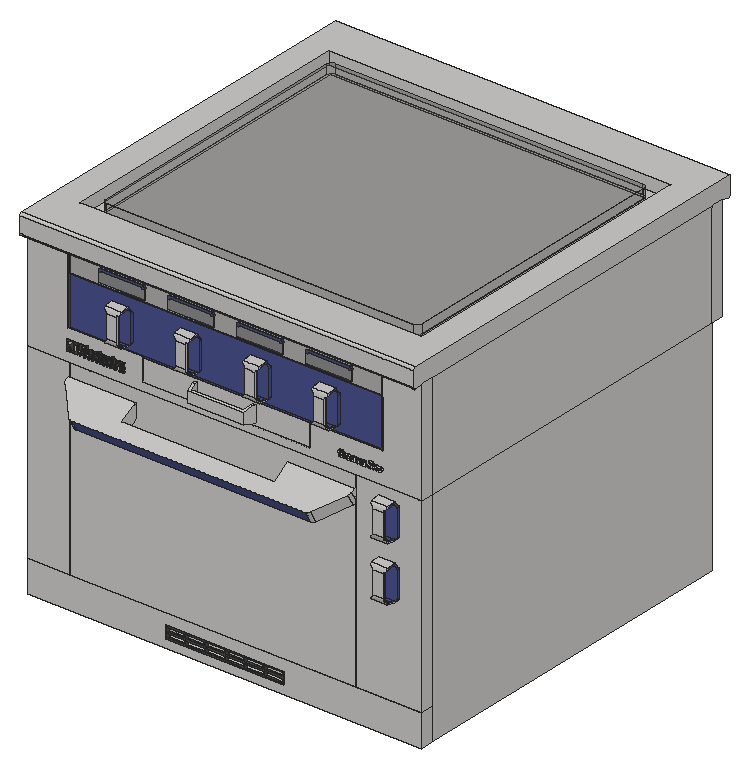
Revit family "QF_ELECTROLUXPROFESSIONAL_588411_MALLEAH8AO", category Attrezzature speciali, Revit 2020
Family settings
  Quota connettore circolare = Usa diametro
  Tipo di parte = Normale
  Basato su piano di lavoro = No
  Sempre verticale = Sì
  Taglio con vuoti quando caricato = No
  Condiviso = No
  Punto di calcolo locali = No
Parameters (values of type "Standard")
  Weight = 208.00 kg
  Watts = 17300 W
  Volts = 400 V
  URL Manufacturer = "https://www.electroluxprofessional.com/"
  URL = "https://www.electroluxprofessional.com/"
  Steam Supply Size = 0"
  Steam Supply Minimum Pressure = 0.00 psi
  Steam Supply Maximum Pressure = 0.00 psi
  Steam Consumption per Hour = 0
  Refrigeration Suction Line Size = 0 mm
  Refrigeration Liquid Line Size = 0 mm
  Refrigerant Compressor Remote = yes
  Prospetto di default = 0 mm
  Phase = 3
  Modello = "MALLEAH8AO"
  Produttore = "Electrolux Professional"
  Length Actual = 800 mm  # constant formula
  Item Number = "588411"
  Hot Water Size = 0"
  Height Actual = 700 mm  # constant formula
  HP = "23.2 HP"
  Gas Size = 0"
  Gas KW = 0
  Gas Input Pressure = 0.0 Btu/h
  Direct Waste Size = 0"
  Descrizione = "EL.SOLID TOP,ST.OV,1S,800X800X700H"
  Depth Actual = 800 mm  # constant formula
  Cycle = 50 Hz
  Condensate Return Size = 0"
  Compressed Air Volume = 0 GPM
  Compressed Air Size = 0"
  Compressed Air Pressure = 0.00 psi
  Cold Water Size = 0"
  Accessory = yes
Reference planes
  plane 1 "BACK": y = 0
  plane 2: z = 0
  plane 3 "LEFT": x = 0
  plane 4 "RIGHT": x = 800
  plane 5 "FRONT": y = -800
  plane 6 "TOP": z = 900
  plane 7 "Center (Left/Right)": x = 400
  plane 8: y = -400
  plane 9: z = 200
  plane 10: y = -150
  plane 11 "Panel": y = -755
  plane 12: z = 798
  plane 13: z = 1327
  plane 14: x = 78
  plane 15: x = 722
  plane 16: y = -150
  plane 17: y = -650
  plane 18 "EIx": x = 755
  plane 19 "EIy": y = -585
Forms (mm)
  Extrusion 1, solid, material "QF_Finishes_Stainless Steel"
    sketch origin (-178.969, -4572, 200) x (-1, 0, 0) y (0, -1, 0)
      loop
        line (-178.969, -4527) -> (-178.969, -3817) -> (-978.969, -3817) -> (-978.969, -4527) -> (-178.969, -4527)
    from 450 to 663
  Extrusion 2, solid, material "QF_Finishes_Stainless Steel"
    sketch origin (0, 0, 0) x (0, 1, 0) y (0, 0, 1)
      loop
        line (-755, 200) -> (-755, 265) -> (-780, 265) -> (-780, 200) -> (-755, 200)
    from 0 to 800
  Extrusion 3, solid, material "QF_Finishes_Stainless Steel"
    sketch origin (-588.969, -4562, 200) x (-1, 0, 0) y (0, -1, 0)
      loop
        circle (-1343.969, -3977) r 6.35
    from 0 to -11.851
  Extrusion 4, solid, material "QF_Finishes_Stainless Steel"
    sketch origin (400, 296.4, 1219.2) x (0, 1, 0) y (0, 0, 1)
      loop
        line (-296.4, -319.2) -> (-1091.4, -319.2)
        arc (-1091.4, -319.2) -> (-1094.935, -320.664) -> (-1096.4, -324.2) r 5
        line (-1096.4, -324.2) -> (-1096.4, -355.2)
        arc (-1096.4, -355.2) -> (-1094.971, -358.264) -> (-1091.705, -359.139) r 4
        line (-1091.705, -359.139) -> (-1076.4, -356.231) -> (-316.4, -356.231) -> (-301.094, -359.139)
        arc (-301.094, -359.139) -> (-297.829, -358.264) -> (-296.4, -355.2) r 4
        line (-296.4, -355.2) -> (-296.4, -319.2)
    from -400 to 400
  Extrusion 5, solid, material "QF_Finishes_Electrolux_Black Smoke Iluminated"
    sketch origin (0, 0, 900) x (-1, 0, 0) y (0, -1, 0)
      loop
        arc (-88, 109) -> (-80.929, 111.929) -> (-78, 119) r 10
        line (-78, 119) -> (-78, 680)
        arc (-78, 680) -> (-80.929, 687.071) -> (-88, 690) r 10
        line (-88, 690) -> (-712, 690)
        arc (-712, 690) -> (-719.071, 687.071) -> (-722, 680) r 10
        line (-722, 680) -> (-722, 119)
        arc (-722, 119) -> (-719.071, 111.929) -> (-712, 109) r 10
        line (-712, 109) -> (-88, 109)
    from 0 to -20
  Extrusion 6, solid, material "QF_Finishes_Stainless Steel"
    sketch origin (-178.969, -4572, 200) x (-1, 0, 0) y (0, -1, 0)
      loop
        line (-178.969, -4527) -> (-178.969, -3817) -> (-978.969, -3817) -> (-978.969, -4527) -> (-178.969, -4527)
    from 450 to 0
  Extrusion 7, void
    sketch origin (0, -755, 0) x (-1, 0, 0) y (0, 0, 1)
      loop
        line (-520, 216.594) -> (-280, 216.594) -> (-280, 241.594) -> (-520, 241.594) -> (-520, 216.594)
    from 0 to -25
  Extrusion 8, solid, material "QF_Finishes_Black"
    sketch origin (0, -755, 0) x (-1, 0, 0) y (0, 0, 1)
      loop
        line (-280, 241.594) -> (-520, 241.594) -> (-520, 216.594) -> (-280, 216.594) -> (-280, 241.594)
      loop
        line (-282, 239.594) -> (-319.131, 239.594) -> (-319.131, 230.094) -> (-282, 230.094) -> (-282, 239.594)
      loop
        line (-282, 218.594) -> (-282, 228.094) -> (-319.131, 228.094) -> (-319.131, 218.594) -> (-282, 218.594)
      loop
        line (-321.131, 239.594) -> (-359.066, 239.594) -> (-359.066, 230.094) -> (-321.131, 230.094) -> (-321.131, 239.594)
      loop
        line (-399, 239.594) -> (-399, 230.094) -> (-361.066, 230.094) -> (-361.066, 239.594) -> (-399, 239.594)
      loop
        line (-401, 239.594) -> (-438.934, 239.594) -> (-438.934, 230.094) -> (-401, 230.094) -> (-401, 239.594)
      loop
        line (-359.066, 218.594) -> (-321.131, 218.594) -> (-321.131, 228.094) -> (-359.066, 228.094) -> (-359.066, 218.594)
      loop
        line (-361.066, 218.594) -> (-361.066, 228.094) -> (-399, 228.094) -> (-399, 218.594) -> (-361.066, 218.594)
      loop
        line (-401, 228.094) -> (-438.934, 228.094) -> (-438.934, 218.594) -> (-401, 218.594) -> (-401, 228.094)
      loop
        line (-518, 239.594) -> (-518, 230.094) -> (-480.869, 230.094) -> (-480.869, 239.594) -> (-518, 239.594)
      loop
        line (-518, 218.594) -> (-480.869, 218.594) -> (-480.869, 228.094) -> (-518, 228.094) -> (-518, 218.594)
      loop
        line (-478.869, 239.594) -> (-478.869, 230.094) -> (-440.934, 230.094) -> (-440.934, 239.594) -> (-478.869, 239.594)
      loop
        line (-440.934, 218.594) -> (-440.934, 228.094) -> (-478.869, 228.094) -> (-478.869, 218.594) -> (-440.934, 218.594)
    from -25.03 to -20
  Extrusion 9, void
    sketch origin (0, 0, 900) x (-1, 0, 0) y (0, -1, 0)
      loop
        line (-53, 715) -> (-747, 715) -> (-747, 84) -> (-53, 84) -> (-53, 715)
    from 0 to -25
  Extrusion 10, solid, material "QF_Finishes_Stainless Steel"
    sketch origin (0, 0, 900) x (-1, 0, 0) y (0, -1, 0)
      loop
        line (-82, 113) -> (-82, 686) -> (-718, 686) -> (-718, 113) -> (-82, 113)
    from -20 to -25
  Extrusion 11, solid, material "QF_Finishes_Stainless Steel"
    sketch origin (400, 296.4, 1219.169) x (0, 1, 0) y (0, 0, 1)
      loop
        line (-341.4, -356.2) -> (-341.4, -569.2) -> (-316.4, -569.2) -> (-316.4, -356.2) -> (-341.4, -356.2)
    from -400 to 400
Cuts and joins
  Extrusion 7 cuts Extrusion 6
  Extrusion 7 cuts Extrusion 2
  Extrusion 9 cuts Extrusion 4
Lines and regions (mm)
  symbolic lines
    curve 1: line (0, 0, 200) -> (800, 0, 200)
    curve 2: line (0, -800, 200) -> (0, 0, 200)
    curve 3: line (800, -800, 200) -> (0, -800, 200)
    curve 4: line (800, 0, 200) -> (800, -800, 200)
    curve 5: line (712, -109, 200) -> (88, -109, 200)
    curve 6: line (78, -119, 200) -> (78, -680, 200)
    curve 7: line (88, -690, 200) -> (712, -690, 200)
    curve 8: line (722, -680, 200) -> (722, -119, 200)
    curve 9: arc (88, -109, 200) -> (80.929, -111.929, 200) -> (78, -119, 200) r 10
    curve 10: arc (722, -119, 200) -> (719.071, -111.929, 200) -> (712, -109, 200) r 10
    curve 11: arc (712, -690, 200) -> (719.071, -687.071, 200) -> (722, -680, 200) r 10
    curve 12: arc (78, -680, 200) -> (80.929, -687.071, 200) -> (88, -690, 200) r 10
    curve 13: line (747, -84, 900) -> (53, -84, 900)
    curve 14: line (53, -84, 900) -> (53, -715, 900)
    curve 15: line (747, -715, 900) -> (747, -84, 900)
    curve 16: line (53, -715, 900) -> (747, -715, 900)
  model lines, style "SpecialityEquipment"
    curve 17: arc (584, -161, 900) -> (530.967, -289.033, 900) -> (659, -236, 900) r 75
    curve 18: line (639, -236, 900) -> (679, -236, 900)
    curve 19: line (679, -236, 900) -> (659, -216, 900)
    curve 20: line (639, -236, 900) -> (659, -216, 900)
    curve 21: arc (216, -161, 900) -> (162.967, -289.033, 900) -> (291, -236, 900) r 75
    curve 22: line (271, -236, 900) -> (311, -236, 900)
    curve 23: line (311, -236, 900) -> (291, -216, 900)
    curve 24: line (271, -236, 900) -> (291, -216, 900)
    curve 25: arc (584, -489, 900) -> (530.967, -617.033, 900) -> (659, -564, 900) r 75
    curve 26: line (639, -564, 900) -> (679, -564, 900)
    curve 27: line (679, -564, 900) -> (659, -544, 900)
    curve 28: line (639, -564, 900) -> (659, -544, 900)
    curve 29: arc (216, -489, 900) -> (162.967, -617.033, 900) -> (291, -564, 900) r 75
    curve 30: line (271, -564, 900) -> (311, -564, 900)
    curve 31: line (311, -564, 900) -> (291, -544, 900)
    curve 32: line (271, -564, 900) -> (291, -544, 900)
Dimensions and locks
  plane 3 "LEFT" to plane 4 "RIGHT" = 800 mm
  plane 5 "FRONT" to plane 1 "BACK" = 800 mm
  equal spacing: plane 3 "LEFT", plane 7 "Center (Left/Right)", plane 4 "RIGHT"
  equal spacing: plane 5 "FRONT", plane 8, plane 1 "BACK"
  plane 6 "TOP" to level = 900 mm  (x2)
  plane 9 to level = 200 mm
  plane 1 "BACK" to plane 10 to plane 11 "Panel" = 150 mm, 605 mm  (x2)
  plane 6 "TOP" to plane 9 to level = 700 mm, 200 mm
  plane 1 "BACK" to plane 5 "FRONT" = 800 mm
  plane 1 "BACK" to Extrusion 3 = 585 mm
  plane 12 to plane 9 = 598 mm
  plane 13 to plane 6 "TOP" = 427 mm
  plane 6 "TOP" to plane 12 = 102 mm
  plane 14 to plane 3 "LEFT" = 78 mm
  plane 15 to plane 4 "RIGHT" = 78 mm
  locked: plane 1 "BACK" to plane 16 at 150
  locked: plane 16 to plane 17 at 500
  plane 11 "Panel" to plane 5 "FRONT" = 45 mm
  plane 18 "EIx" to plane 4 "RIGHT" = 45 mm
  plane 19 "EIy" to plane 1 "BACK" = 585 mm
  aligned and locked: level to plane 2
  aligned and locked: Extrusion 2 to plane 4 "RIGHT"
  aligned and locked: plane 3 "LEFT" to nested 1
Automatic sketch dimensions
  Extrusion 2 sketch curve to plane 9 = 0 mm
  Extrusion 2 sketch curve to plane 11 "Panel" = 0 mm
  Extrusion 2 sketch curve to plane 5 "FRONT" = 20 mm
  plane 9 to Extrusion 2 sketch curve = 65 mm
  Extrusion 3 sketch curve to plane 18 "EIx" = 0 mm
  Extrusion 3 sketch curve to plane 19 "EIy" = 0 mm
  Extrusion 4 sketch curve to plane 5 "FRONT" = 0 mm
  Extrusion 4 sketch curve to plane 6 "TOP" = 0 mm
  Extrusion 4 sketch curve to plane 1 "BACK" = 0 mm
  Extrusion 4 sketch curve to plane 5 "FRONT" = 4 mm
  Extrusion 4 sketch curve to Extrusion 4 sketch curve = 0.695 mm
  Extrusion 4 sketch curve to plane 5 "FRONT" = 5 mm
  Extrusion 4 sketch curve to Extrusion 4 sketch curve = 15.305 mm
  plane 1 "BACK" to Extrusion 4 sketch curve = 20 mm
  plane 1 "BACK" to Extrusion 4 sketch curve = 4.695 mm
  Extrusion 4 sketch curve to Extrusion 4 sketch curve = 4 mm
  Extrusion 4 sketch curve to Extrusion 4 sketch curve = 31 mm
  Extrusion 4 sketch curve to plane 6 "TOP" = 36 mm
  Extrusion 4 sketch curve to Extrusion 4 sketch curve = 2.909 mm
  Extrusion 5 sketch curve to plane 15 = 0 mm
  Extrusion 5 sketch curve to plane 14 = 0 mm
  plane 15 to Extrusion 5 sketch curve = 10 mm  (x2)
  Extrusion 5 sketch curve to Extrusion 5 sketch curve = 10 mm  (x2)
  plane 10 to Extrusion 5 sketch curve = 41 mm
  plane 17 to Extrusion 5 sketch curve = 30 mm
  plane 9 to Extrusion 7 sketch curve = 41.594 mm
  plane 7 "Center (Left/Right)" to Extrusion 7 sketch curve = 120 mm
  Extrusion 7 sketch curve to plane 7 "Center (Left/Right)" = 120 mm
  plane 9 to Extrusion 7 sketch curve = 16.594 mm
  plane 9 to Extrusion 8 sketch curve = 41.594 mm
  plane 7 "Center (Left/Right)" to Extrusion 8 sketch curve = 120 mm
  Extrusion 8 sketch curve to Extrusion 8 sketch curve = 2 mm  (x15)
  Extrusion 8 sketch curve to Extrusion 8 sketch curve = 0 mm  (x16)
  Extrusion 8 sketch curve to Extrusion 8 sketch curve = 37.131 mm  (x2)
  Extrusion 8 sketch curve to Extrusion 8 sketch curve = 37.934 mm  (x3)
  plane 7 "Center (Left/Right)" to Extrusion 8 sketch curve = 1 mm  (x2)
  Extrusion 8 sketch curve to plane 7 "Center (Left/Right)" = 1 mm  (x2)
  plane 9 to Extrusion 8 sketch curve = 18.594 mm  (x4)
  Extrusion 8 sketch curve to Extrusion 8 sketch curve = 9.5 mm  (x6)
  plane 18 "EIx" to Extrusion 9 sketch curve = 8 mm
  plane 14 to Extrusion 9 sketch curve = 25 mm
  plane 10 to Extrusion 9 sketch curve = 66 mm
  plane 11 "Panel" to Extrusion 9 sketch curve = 40 mm
  Extrusion 10 sketch curve to plane 14 = 4 mm
  plane 15 to Extrusion 10 sketch curve = 4 mm
  plane 17 to Extrusion 10 sketch curve = 36 mm
  plane 10 to Extrusion 10 sketch curve = 37 mm
  Extrusion 1 sketch curve to plane 4 "RIGHT" = 0 mm
  Extrusion 1 sketch curve to plane 3 "LEFT" = 0 mm
  Extrusion 1 sketch curve to plane 11 "Panel" = 0 mm
  plane 1 "BACK" to Extrusion 1 sketch curve = 45 mm
  plane 1 "BACK" to curve 1 = 0 mm
  curve 1 to plane 4 "RIGHT" = 0 mm
  curve 8 to plane 15 = 0 mm
  curve 6 to plane 14 = 0 mm
  curve 2 to plane 3 "LEFT" = 0 mm
  plane 5 "FRONT" to curve 3 = 0 mm
  plane 15 to curve 5 = 10 mm
  curve 11 to curve 11 = 10 mm
  curve 5 to plane 14 = 10 mm
  curve 12 to curve 6 = 10 mm
  plane 10 to curve 5 = 41 mm
  plane 17 to curve 11 = 30 mm
  Extrusion 6 sketch curve to plane 4 "RIGHT" = 0 mm
  Extrusion 6 sketch curve to plane 3 "LEFT" = 0 mm
  Extrusion 6 sketch curve to plane 11 "Panel" = 0 mm
  plane 1 "BACK" to Extrusion 6 sketch curve = 45 mm
  curve 20 to curve 17 = 55 mm
  curve 26 to curve 25 = 55 mm
  curve 19 to curve 18 = 20 mm
  curve 26 to curve 27 = 20 mm
  curve 18 to curve 19 = 20 mm
  plane 18 "EIx" to curve 13 = 8 mm
  curve 31 to plane 7 "Center (Left/Right)" = 89 mm
  curve 23 to plane 7 "Center (Left/Right)" = 89 mm
  curve 22 to curve 24 = 20 mm
  curve 30 to curve 31 = 20 mm
  curve 23 to curve 22 = 20 mm
  curve 31 to curve 30 = 20 mm
  curve 22 to curve 21 = 55 mm
  curve 30 to curve 29 = 55 mm
  plane 14 to curve 14 = 25 mm
  plane 10 to curve 13 = 66 mm
  plane 11 "Panel" to curve 16 = 40 mm
  curve 29 to curve 30 = 20 mm
  curve 27 to curve 26 = 40 mm
  curve 25 to curve 26 = 20 mm
  plane 15 to curve 19 = 43 mm
  curve 17 to curve 18 = 20 mm
  curve 21 to curve 22 = 20 mm
  Extrusion 11 sketch curve to Extrusion 11 sketch curve = 25 mm
  plane 1 "BACK" to Extrusion 11 sketch curve = 20 mm
  Extrusion 11 sketch curve to plane 12 = 148.031 mm
  Extrusion 11 sketch curve to plane 6 "TOP" = 37.031 mm
  plane 19 "EIy" to curve 27 = 21 mm
  plane 15 to curve 27 = 43 mm
  curve 23 to plane 10 = 66 mm
  curve 19 to plane 10 = 66 mm
  plane 19 "EIy" to curve 32 = 41 mm
  radius of Extrusion 3 sketch curve = 6.35 mm
Nested families
  nested 1: "Door_Panel_W800_A" at (300, -755, 0), type "Door_Panel_W800_A"
  nested 2: "FIT Range Control Handle" at (730, -783.167, -372.751), type "FIT Range Control Handle"
  nested 3: "FIT Range Control Handle" at (730, -783.167, -484.751), type "FIT Range Control Handle"
  nested 4: "Front_Panel_W800_Four Knobs" at (202.376, -755, 0), type "Front_Panel_W800_Four Knobs"
Connectors
  electrical at (755, -585, 188.149)
    settings: on Extrusion 3, index 1, voltage 400 V, apparent load 33000 VA, apparent load phase1 0 VA, apparent load phase2 0 VA, apparent load phase3 0 VA, power factor 1, load classification "Other", number of poles 1, system type 30, power factor state 1, is connector primary yes, connector utility no, sub classification motor no, connector description "ELECTRICAL CONNECTION"
Definition of nested family "Door_Panel_W800_A"
  Parameters
    Default Elevation = 0 mm
  Reference planes
    plane 1 "Center (Front/Back)": y = 0
    plane 2 "Ref. Level": z = 0
    plane 3: x = 500
    plane 4: x = -300
    plane 5 "Center (Left/Right)": x = 100
    plane 6: x = -215
    plane 7: x = 365
    plane 8 "Manopola": through (-6096, -50.059, 612.389) normal (0, -0.515, 0.8572)
    plane 9 "Top": z = 650
    plane 10: z = 265
    plane 11: z = 200
  Forms (mm)
    Extrusion 1, solid
      sketch origin (100, 0, 0) x (0, 1, 0) y (0, 0, 1)
        loop
          line (-25.03, 650) -> (-25.03, 265) -> (0, 265) -> (0, 650) -> (-25.03, 650)
      from 265 to 400
    Extrusion 2, solid
      sketch origin (100, 0, 0) x (0, 1, 0) y (0, 0, 1)
        loop
          line (-25.03, 650) -> (-25.03, 265) -> (0, 265) -> (0, 650) -> (-25.03, 650)
      from -400 to -315
    Extrusion 3, solid
      sketch origin (100, 0, 0) x (0, 1, 0) y (0, 0, 1)
        loop
          line (-25.03, 650) -> (-25.03, 265) -> (0, 265) -> (0, 650) -> (-25.03, 650)
      from -315 to 265
    Extrusion 4, solid
      sketch origin (0, -283.633, 472.044) x (0, 0.857167, 0.515038) y (-1, 0, 0)
        loop
          line (299.12, -365) -> (299.12, 215) -> (290.982, 215)
          arc (290.982, 215) -> (286.677, 214.026) -> (283.211, 211.293) r 10
          line (283.211, 211.293) -> (233.28, 170.86)
          arc (233.28, 170.86) -> (230.548, 167.394) -> (229.574, 163.089) r 10
          line (229.574, 163.089) -> (229.574, -313.089)
          arc (229.574, -313.089) -> (230.548, -317.394) -> (233.28, -320.86) r 10
          line (233.28, -320.86) -> (283.211, -361.293)
          arc (283.211, -361.293) -> (286.677, -364.026) -> (290.982, -365) r 10
          line (290.982, -365) -> (299.12, -365)
      from -27 to 0
    Extrusion 5, void
      sketch origin (100, 0, 0) x (0, 1, 0) y (0, 0, 1)
        loop
          line (-61.514, 605.507) -> (-47.608, 582.363) -> (-25.03, 595.93) -> (-25.03, 627.429) -> (-61.514, 605.507)
      from -180 to 130
    Extrusion 6, solid, detail levels coarse
      sketch origin (100, 0, 0) x (0, 1, 0) y (0, 0, 1)
        loop
          line (-25.03, 265) -> (-25.03, 650)
          arc (-25.03, 650) -> (-297.266, 537.236) -> (-410.03, 265) r 385
          line (-410.03, 265) -> (-25.03, 265)
      from -315 to 265
  Cuts and joins
    Extrusion 5 cuts Extrusion 4
    joined: Extrusion 3, Extrusion 4
  Lines and regions (mm)
    symbolic lines
      curve 1: line (-207.355, -45.043, 0) -> (-170.86, -83.673, 0)
      curve 2: line (-163.089, -86.85, 0) -> (313.089, -86.85, 0)
      curve 3: line (320.86, -83.673, 0) -> (357.355, -45.043, 0)
      curve 4: arc (-163.089, -86.85, 0) -> (-167.318, -86.101, 0) -> (-170.86, -83.673, 0) r 10.165
      curve 5: arc (313.089, -86.85, 0) -> (317.318, -86.101, 0) -> (320.86, -83.673, 0) r 10.165
      curve 6: line (-215, -45.043, 0) -> (-215, -410.03, 0)
      curve 7: line (-215, -410.03, 0) -> (365, -410.03, 0)
      curve 8: line (365, -410.03, 0) -> (365, -45.03, 0)
  Dimensions and locks
    plane 3 to plane 4 = 800 mm
    plane 4 to plane 3 = 800 mm
    equal spacing: plane 3, plane 5 "Center (Left/Right)", plane 4
    plane 6 to plane 4 = 85 mm
    plane 3 to plane 7 = 135 mm
    plane 11 to level = 200 mm
    plane 10 to plane 11 = 65 mm
    plane 10 to plane 9 "Top" = 385 mm
    plane 9 "Top" to plane 11 = 450 mm
    aligned and locked: plane 3 to Extrusion 1
    aligned and locked: cut or joined group of Extrusion 3, Extrusion 4, Extrusion 5 to plane 6
    aligned and locked: cut or joined group of Extrusion 3, Extrusion 4, Extrusion 5 to plane 7
    aligned and locked: plane 7 to Extrusion 1
    aligned and locked: plane 6 to Extrusion 2
    aligned and locked: Extrusion 2 to plane 4
    aligned and locked: plane 10 to Extrusion 2
    aligned and locked: plane 10 to cut or joined group of Extrusion 3, Extrusion 4, Extrusion 5
    aligned and locked: plane 10 to Extrusion 1
    aligned and locked: Extrusion 6 to plane 6
    aligned and locked: Extrusion 6 to plane 7
  Automatic sketch dimensions
    Extrusion 5 sketch curve to plane 8 "Manopola" = 0 mm  (x2)
    plane 1 "Center (Front/Back)" to Extrusion 5 sketch curve = 61.514 mm
    Extrusion 5 sketch curve to Extrusion 5 sketch curve = 13.906 mm
    plane 1 "Center (Front/Back)" to Extrusion 5 sketch curve = 25.03 mm
    Extrusion 4 sketch curve to plane 7 = 0 mm
    Extrusion 4 sketch curve to plane 6 = 0 mm
    plane 6 to Extrusion 4 sketch curve = 51.911 mm
    plane 7 to Extrusion 4 sketch curve = 44.14 mm
    Extrusion 4 sketch curve to Extrusion 4 sketch curve = 3.707 mm  (x2)
    plane 6 to Extrusion 4 sketch curve = 44.14 mm
    plane 7 to Extrusion 4 sketch curve = 3.707 mm
    Extrusion 4 sketch curve to Extrusion 4 sketch curve = 49.93 mm  (x2)
    plane 6 to Extrusion 4 sketch curve = 3.707 mm
    Extrusion 4 sketch curve to Extrusion 4 sketch curve = 7.771 mm  (x3)
    Extrusion 4 sketch curve to Extrusion 4 sketch curve = 8.138 mm
    Extrusion 2 sketch curve to plane 1 "Center (Front/Back)" = 0 mm
    Extrusion 3 sketch curve to plane 1 "Center (Front/Back)" = 0 mm
    Extrusion 1 sketch curve to plane 1 "Center (Front/Back)" = 0 mm
    Extrusion 2 sketch curve to plane 9 "Top" = 0 mm
    Extrusion 2 sketch curve to Extrusion 2 sketch curve = 25.03 mm
    Extrusion 3 sketch curve to plane 9 "Top" = 0 mm
    Extrusion 3 sketch curve to Extrusion 3 sketch curve = 25.03 mm
    Extrusion 1 sketch curve to plane 9 "Top" = 0 mm
    plane 1 "Center (Front/Back)" to Extrusion 1 sketch curve = 25.03 mm
    level to Extrusion 1 sketch curve = 265 mm
    level to Extrusion 2 sketch curve = 265 mm
    level to Extrusion 3 sketch curve = 265 mm
    plane 10 to Extrusion 6 sketch curve = 0 mm
    Extrusion 6 sketch curve to plane 9 "Top" = 0 mm
    plane 1 "Center (Front/Back)" to Extrusion 6 sketch curve = 25.03 mm
    curve 7 to plane 7 = 0 mm
    plane 6 to curve 1 = 44.14 mm
    curve 4 to curve 4 = 7.389 mm
    curve 4 to curve 2 = 7.771 mm
    plane 7 to curve 2 = 51.911 mm
    curve 2 to curve 5 = 0.382 mm
    curve 2 to curve 3 = 7.771 mm
    plane 1 "Center (Front/Back)" to curve 6 = 410.03 mm
    plane 1 "Center (Front/Back)" to curve 2 = 86.85 mm
    curve 2 to curve 3 = 3.177 mm
    curve 2 to curve 1 = 3.177 mm
    plane 7 to curve 3 = 7.645 mm
    plane 1 "Center (Front/Back)" to curve 3 = 45.043 mm
    curve 3 to curve 8 = 0.013 mm
    curve 7 to plane 6 = 0 mm
    curve 6 to curve 1 = 7.645 mm
    plane 1 "Center (Front/Back)" to curve 1 = 45.043 mm
    curve 6 to curve 1 = 0 mm
Definition of nested family "FIT Range Control Handle"
  Parameters
    Default Elevation = 0 mm
  Reference planes
    plane 1 "Center (Front/Back)": y = 0
    plane 2: z = 0
    plane 3 "Center (Left/Right)": x = 0
    plane 4: z = 971.092
    plane 5: y = -16.8
  Forms (mm)
    Extrusion 1, solid
      sketch origin (-746.28, 380.497, 208.931) x (-1, 0, 0) y (0, 0, 1)
        loop
          line (-770.101, 786.798) -> (-770.101, 731.649)
          arc (-770.101, 731.649) -> (-769.759, 730.563) -> (-768.855, 729.87) r 1.893
          line (-768.855, 729.87) -> (-763.474, 727.911) -> (-729.81, 727.911) -> (-724.428, 729.87)
          arc (-724.428, 729.87) -> (-723.525, 730.563) -> (-723.183, 731.649) r 1.893
          line (-723.183, 731.649) -> (-723.183, 786.798)
          arc (-723.183, 786.798) -> (-723.529, 787.894) -> (-724.44, 788.593) r 1.91
          line (-724.44, 788.593) -> (-729.683, 790.819) -> (-763.601, 790.819) -> (-768.844, 788.593)
          arc (-768.844, 788.593) -> (-769.755, 787.894) -> (-770.101, 786.798) r 1.91
      from -382.35 to -378.852
    Sweep 2, solid
      path origin (-746.788, 380.496, 208.091) x (0, -1, 0) y (0, 0, 1)
        loop
          line (379.775, 793.281) -> (395.661, 791.048)
          arc (395.661, 791.048) -> (397.781, 787.377) -> (398.517, 783.202) r 12.207
          line (398.517, 783.202) -> (398.517, 737.368)
          arc (398.517, 737.368) -> (397.781, 733.193) -> (395.661, 729.522) r 12.207
          line (395.661, 729.522) -> (379.775, 727.289)
      profile origin (-746.788, -7.222, 1000.256) x (0, -0.139173, 0.990268) y (-1, 0, 0)
        loop
          line (0.782, -763.123) -> (0.782, -730.907) -> (-1.322, -730.907) -> (-1.322, -763.123) -> (0.782, -763.123)
    Sweep 3, solid
      path origin (-746.788, 380.715, 207.832) x (0, -1, 0) y (0, 0, 1)
        loop
          line (380.478, 795.442) -> (397.218, 793.09)
          arc (397.218, 793.09) -> (399.929, 788.473) -> (400.871, 783.202) r 15.207
          line (400.871, 783.202) -> (400.871, 737.584)
          arc (400.871, 737.584) -> (399.914, 732.274) -> (397.164, 727.633) r 15.207
          line (397.164, 727.633) -> (380.601, 725.305)
      profile origin (-746.788, -8.132, 1002.099) x (0, -0.139173, 0.990268) y (-1, 0, 0)
        loop
          line (0.782, -763.123) -> (0.782, -730.907) -> (-1.322, -730.907) -> (-1.322, -763.123) -> (0.782, -763.123)
    Extrusion 4, void
      sketch origin (889.253, 220.666, 207.993) x (1, 0, 0) y (0, 0, 1)
        loop
          line (-943.038, 816.854) -> (-943.038, 703.686) -> (-899.466, 734.196) -> (-899.466, 786.344) -> (-943.038, 816.854)
      from 230.636 to 242.25
    Extrusion 5, void
      sketch origin (-888.8, 220.666, 207.993) x (-1, 0, 0) y (0, 0, -1)
        loop
          line (-943.038, -816.854) -> (-899.466, -786.344) -> (-899.466, -734.196) -> (-943.038, -703.686) -> (-943.038, -816.854)
      from 230.636 to 242.25
    Extrusion 6, solid
      sketch origin (0, 0, 0) x (1, 0, 0) y (0, 0, 1)
        loop
          circle (0, 971.092) r 7.736
      from -3.137 to -1.645
  Cuts and joins
    Extrusion 4, Extrusion 5 cuts Sweep 3
    Extrusion 4, Extrusion 5 cuts Sweep 2
    joined: Extrusion 1, Extrusion 6
  Lines and regions (mm)
    symbolic lines
      curve 1: line (-15.881, -19.189, 0) -> (-15.881, -16.8, 0)
      curve 2: line (16.334, -19.189, 0) -> (16.334, -16.8, 0)
      curve 3: spline (-15.881, -19.189, 0) -> (-15.417, -19.349, 0) -> (-14.951, -19.501, 0) -> (-14.483, -19.646, 0) -> (-14.014, -19.783, 0) -> (-13.543, -19.912, 0) -> (-13.071, -20.033, 0) -> (-12.597, -20.146, 0) -> (-12.122, -20.251, 0) -> (-11.646, -20.349, 0) -> (-11.169, -20.438, 0) -> (-10.691, -20.52, 0) -> (-10.213, -20.593, 0)
      curve 4: spline (10.666, -20.593, 0) -> (11.144, -20.52, 0) -> (11.622, -20.438, 0) -> (12.099, -20.349, 0) -> (12.575, -20.251, 0) -> (13.05, -20.146, 0) -> (13.524, -20.033, 0) -> (13.996, -19.912, 0) -> (14.467, -19.783, 0) -> (14.936, -19.646, 0) -> (15.404, -19.501, 0) -> (15.87, -19.349, 0) -> (16.334, -19.189, 0)
      curve 5: line (-10.213, -20.938, 0) -> (10.716, -20.938, 0)
  Dimensions and locks
    cut or joined group of Sweep 3, Extrusion 4, Extrusion 5 to cut or joined group of Sweep 3, Extrusion 4, Extrusion 5 = 71.686 mm
Definition of nested family "Front_Panel_W800_Four Knobs"
  Parameters
    Default Elevation = 0 mm
  Reference planes
    plane 1 "Center (Front/Back)": y = 0
    plane 2: z = 0
    plane 3 "Center (Left/Right)": x = 197.624
    plane 4 "Left": x = -202.376
    plane 5 "Right": x = 597.624
    plane 6: y = -45
    plane 7: x = -12.376
    plane 8: x = 127.624
    plane 9: y = -310
    plane 10: y = -25
    plane 11: x = 517.624
    plane 12: x = -122.376
  Forms (mm)
    Extrusion 1, solid
      sketch origin (833.217, 829.203, -1.25) x (0, 1, 0) y (0, 0, 1)
        loop
          line (-854.203, 651.25) -> (-829.203, 651.25) -> (-829.203, 864.25) -> (-854.203, 864.25) -> (-854.203, 651.25)
      from -1035.593 to -235.593
    Extrusion 2, void
      sketch origin (0, 0, 0) x (1, 0, 0) y (0, 0, 1)
        loop
          line (-122.376, 853.866) -> (-122.376, 711.866) -> (517.624, 711.866) -> (517.624, 853.866) -> (-122.376, 853.866)
      from 19.387 to 33.951
    Extrusion 3, void
      sketch origin (0, 0, 0) x (1, 0, 0) y (0, 0, 1)
        loop
          line (30.124, 711.866) -> (30.124, 666.866) -> (370.124, 666.866) -> (370.124, 711.866) -> (30.124, 711.866)
      from 19.387 to 25
    Extrusion 4, solid
      sketch origin (0, 0, 0) x (1, 0, 0) y (0, 0, 1)
        loop
          line (31.124, 710.866) -> (31.124, 667.866) -> (369.124, 667.866) -> (369.124, 710.866) -> (31.124, 710.866)
      from 19.387 to 25
    Extrusion 5, solid
      sketch origin (0, 0, 0) x (1, 0, 0) y (0, 1, 0)
        loop
          line (141.059, -25) -> (135.966, -25) -> (140.646, -49.075) -> (254.603, -49.075) -> (259.283, -25) -> (254.189, -25) -> (250.481, -44.075) -> (144.767, -44.075) -> (141.059, -25)
      from 672.593 to 705.67
    Extrusion 6, void
      sketch origin (197.624, 0, 0) x (0, 1, 0) y (0, 0, 1)
        loop
          line (-30, 705.67) -> (-30, 710.67) -> (-56.744, 710.67) -> (-56.744, 667.593) -> (-30, 667.593) -> (-30, 672.593) -> (-53.776, 680.318) -> (-53.776, 697.945) -> (-30, 705.67)
      from -70 to 70
    Extrusion 7, solid, detail levels coarse
      sketch origin (0, -265, 0) x (1, 0, 0) y (0, 1, 0)
        loop
          line (140.646, -69.075) -> (254.603, -69.075) -> (259.283, -45) -> (364.124, -45) -> (364.124, 240) -> (31.124, 240) -> (31.124, -45) -> (135.966, -45) -> (140.646, -69.075)
      from 672.593 to 705.67
    Extrusion 8, void
      sketch origin (197.624, -280, 0) x (0, 1, 0) y (0, 0, 1)
        loop
          line (-30, 705.67) -> (-30, 710.67) -> (-56.744, 710.67) -> (-56.744, 667.593) -> (-30, 667.593) -> (-30, 672.593) -> (-53.776, 680.318) -> (-53.776, 697.945) -> (-30, 705.67)
      from -70 to 70
  Cuts and joins
    Extrusion 2, Extrusion 3 cuts Extrusion 1
    Extrusion 6, Extrusion 8 cuts Extrusion 5
    Extrusion 8 cuts Extrusion 7
  Lines and regions (mm)
    symbolic lines
      curve 1: line (31.124, -45, 0) -> (31.124, -310, 0)
      curve 2: line (31.124, -310, 0) -> (364.124, -310, 0)
      curve 3: line (135.966, -310, 0) -> (140.646, -334.075, 0)
      curve 4: line (140.646, -334.075, 0) -> (254.603, -334.075, 0)
      curve 5: line (254.603, -334.075, 0) -> (259.283, -310, 0)
      curve 6: line (364.124, -310, 0) -> (364.124, -45, 0)
      curve 7: line (31.124, -300, 0) -> (364.124, -300, 0)
      curve 8: line (140.874, -309.046, 0) -> (144.767, -329.075, 0)
      curve 9: line (144.767, -329.075, 0) -> (250.481, -329.075, 0)
      curve 10: line (250.481, -329.075, 0) -> (254.375, -309.046, 0)
  Dimensions and locks
    equal spacing: plane 5 "Right", plane 3 "Center (Left/Right)", plane 4 "Left"
    plane 5 "Right" to plane 4 "Left" = 800 mm
    plane 3 "Center (Left/Right)" to plane 7 = 210 mm
    plane 3 "Center (Left/Right)" to plane 8 = 70 mm
    plane 6 to plane 9 = 265 mm
    aligned and locked: cut or joined group of Extrusion 1, Extrusion 2, Extrusion 3 to plane 4 "Left"
    aligned and locked: plane 5 "Right" to cut or joined group of Extrusion 1, Extrusion 2, Extrusion 3
    aligned and locked: plane 3 "Center (Left/Right)" to nested 2
    aligned and locked: cut or joined group of Extrusion 1, Extrusion 2, Extrusion 3 to nested 2
  Automatic sketch dimensions
    plane 7 to Extrusion 3 sketch curve = 42.5 mm
    plane 3 "Center (Left/Right)" to Extrusion 3 sketch curve = 172.5 mm
    level to Extrusion 3 sketch curve = 666.866 mm
    Extrusion 3 sketch curve to Extrusion 3 sketch curve = 45 mm
    plane 7 to Extrusion 4 sketch curve = 43.5 mm
    plane 3 "Center (Left/Right)" to Extrusion 4 sketch curve = 171.5 mm
    level to Extrusion 4 sketch curve = 667.866 mm
    Extrusion 4 sketch curve to Extrusion 4 sketch curve = 43 mm
    plane 8 to Extrusion 5 sketch curve = 8.342 mm
    plane 6 to Extrusion 5 sketch curve = 4.075 mm
    plane 8 to Extrusion 5 sketch curve = 13.021 mm
    Extrusion 5 sketch curve to Extrusion 5 sketch curve = 5.094 mm  (x2)
    Extrusion 5 sketch curve to plane 6 = 0.925 mm
    Extrusion 5 sketch curve to Extrusion 5 sketch curve = 4.122 mm  (x2)
    plane 3 "Center (Left/Right)" to Extrusion 5 sketch curve = 52.857 mm
    Extrusion 5 sketch curve to plane 6 = 20 mm  (x2)
    Extrusion 5 sketch curve to Extrusion 5 sketch curve = 3.708 mm
    plane 6 to Extrusion 6 sketch curve = 11.744 mm
    plane 6 to Extrusion 6 sketch curve = 8.776 mm
    Extrusion 6 sketch curve to plane 6 = 15 mm  (x2)
    level to Extrusion 6 sketch curve = 667.593 mm
    Extrusion 6 sketch curve to Extrusion 6 sketch curve = 5 mm
    Extrusion 6 sketch curve to Extrusion 6 sketch curve = 12.725 mm  (x2)
    Extrusion 6 sketch curve to Extrusion 6 sketch curve = 17.627 mm
    Extrusion 6 sketch curve to Extrusion 6 sketch curve = 7.725 mm
    Extrusion 8 sketch curve to plane 9 = 26.744 mm
    Extrusion 8 sketch curve to plane 9 = 23.776 mm
    plane 9 to Extrusion 8 sketch curve = 0 mm  (x2)
    level to Extrusion 8 sketch curve = 667.593 mm
    Extrusion 8 sketch curve to Extrusion 8 sketch curve = 5 mm
    Extrusion 8 sketch curve to Extrusion 8 sketch curve = 12.725 mm  (x2)
    Extrusion 8 sketch curve to Extrusion 8 sketch curve = 17.627 mm
    Extrusion 8 sketch curve to Extrusion 8 sketch curve = 7.725 mm
    plane 9 to Extrusion 7 sketch curve = 0 mm  (x2)
    plane 7 to Extrusion 7 sketch curve = 43.5 mm
    plane 8 to Extrusion 7 sketch curve = 8.342 mm
    Extrusion 7 sketch curve to plane 9 = 24.075 mm
    plane 8 to Extrusion 7 sketch curve = 13.021 mm
    Extrusion 7 sketch curve to Extrusion 7 sketch curve = 104.842 mm
    Extrusion 7 sketch curve to plane 6 = 20 mm
    plane 3 "Center (Left/Right)" to Extrusion 7 sketch curve = 56.979 mm
    Extrusion 7 sketch curve to Extrusion 7 sketch curve = 4.68 mm
    Extrusion 1 sketch curve to plane 1 "Center (Front/Back)" = 0 mm
    level to Extrusion 1 sketch curve = 650 mm
    plane 4 "Left" to Extrusion 2 sketch curve = 80 mm
    Extrusion 2 sketch curve to plane 5 "Right" = 80 mm
    level to Extrusion 2 sketch curve = 711.866 mm
    Extrusion 2 sketch curve to Extrusion 2 sketch curve = 142 mm
    plane 6 to curve 1 = 0 mm
    plane 6 to curve 6 = 0 mm
    plane 9 to curve 1 = 0 mm
    plane 7 to curve 1 = 43.5 mm
    curve 4 to plane 9 = 24.075 mm
    plane 8 to curve 4 = 13.021 mm
    curve 3 to curve 8 = 4.122 mm
    plane 3 "Center (Left/Right)" to curve 4 = 56.979 mm
    curve 4 to curve 2 = 109.521 mm
    plane 8 to curve 3 = 8.342 mm
    curve 3 to curve 8 = 4.908 mm
    curve 9 to curve 4 = 4.122 mm
    curve 10 to plane 9 = 19.075 mm
    curve 9 to curve 5 = 8.801 mm
    plane 9 to curve 10 = 0.954 mm
    curve 10 to curve 5 = 4.908 mm
    curve 3 to curve 8 = 0.954 mm
    curve 1 to curve 7 = 10 mm
    Extrusion 1 sketch curve to plane 6 = 20 mm
    Extrusion 1 sketch curve to Extrusion 1 sketch curve = 213 mm
  Nested families
    nested 1: "Range Control Handle" at (-12.376, -28.137, -209.113) x (-1, 0, 0) z (0, 0, 1), type "Range Control Handle"
    nested 2: "Front glass control panel W800" at (197.624, 280.644, 2.752), type "Front glass control panel W800"
    nested 3: "Range Control Handle" at (127.624, -28.137, -209.113) x (-1, 0, 0) z (0, 0, 1), type "Range Control Handle"
    nested 4: "Range Control Handle" at (407.624, -28.137, -209.113), type "Range Control Handle"
    nested 5: "Range Control Handle" at (267.624, -28.137, -209.113), type "Range Control Handle"
    nested 6: "ELX_ThermaLine_Small" at (468.838, -25, 679.426) x (1, 0, 0) z (0, -1, 0), type "ELX_ThermaLine_Small"
      with Show Logo yes, Material_Logo none
    nested 7: "ELX_Professional_Logo_Small" at (-62.89, -25, 681.659) x (1, 0, 0) z (0, -1, 0), type "ELX_Professional_Logo_Small"
      with Show Logo yes, Material_Logo none
  Definition of nested family "Range Control Handle"
    Parameters
      Default Elevation = 0 mm
    Reference planes
      plane 1 "Center (Front/Back)": y = 0
      plane 2: z = 0
      plane 3 "Center (Left/Right)": x = 0
      plane 4: z = 971.092
      plane 5: y = -16.9
    Forms (mm)
      Extrusion 1, solid
        sketch origin (-746.28, 380.497, 208.931) x (-1, 0, 0) y (0, 0, 1)
          loop
            line (-770.101, 786.798) -> (-770.101, 731.649)
            arc (-770.101, 731.649) -> (-769.759, 730.563) -> (-768.855, 729.87) r 1.893
            line (-768.855, 729.87) -> (-763.474, 727.911) -> (-729.81, 727.911) -> (-724.428, 729.87)
            arc (-724.428, 729.87) -> (-723.525, 730.563) -> (-723.183, 731.649) r 1.893
            line (-723.183, 731.649) -> (-723.183, 786.798)
            arc (-723.183, 786.798) -> (-723.529, 787.894) -> (-724.44, 788.593) r 1.91
            line (-724.44, 788.593) -> (-729.683, 790.819) -> (-763.601, 790.819) -> (-768.844, 788.593)
            arc (-768.844, 788.593) -> (-769.755, 787.894) -> (-770.101, 786.798) r 1.91
        from -382.35 to -378.852
      Sweep 2, solid
        path origin (-746.788, 380.496, 208.091) x (0, -1, 0) y (0, 0, 1)
          loop
            line (379.775, 793.281) -> (395.661, 791.048)
            arc (395.661, 791.048) -> (397.781, 787.377) -> (398.517, 783.202) r 12.207
            line (398.517, 783.202) -> (398.517, 737.368)
            arc (398.517, 737.368) -> (397.781, 733.193) -> (395.661, 729.522) r 12.207
            line (395.661, 729.522) -> (379.775, 727.289)
        profile origin (-746.788, -7.222, 1000.256) x (0, -0.139173, 0.990268) y (-1, 0, 0)
          loop
            line (0.782, -763.123) -> (0.782, -730.907) -> (-1.322, -730.907) -> (-1.322, -763.123) -> (0.782, -763.123)
      Sweep 3, solid
        path origin (-746.788, 380.715, 207.832) x (0, -1, 0) y (0, 0, 1)
          loop
            line (380.478, 795.442) -> (397.218, 793.09)
            arc (397.218, 793.09) -> (399.929, 788.473) -> (400.871, 783.202) r 15.207
            line (400.871, 783.202) -> (400.871, 737.584)
            arc (400.871, 737.584) -> (399.914, 732.274) -> (397.164, 727.633) r 15.207
            line (397.164, 727.633) -> (380.601, 725.305)
        profile origin (-746.788, -8.132, 1002.099) x (0, -0.139173, 0.990268) y (-1, 0, 0)
          loop
            line (0.782, -763.123) -> (0.782, -730.907) -> (-1.322, -730.907) -> (-1.322, -763.123) -> (0.782, -763.123)
      Extrusion 4, void
        sketch origin (889.253, 220.666, 207.993) x (1, 0, 0) y (0, 0, 1)
          loop
            line (-943.038, 816.854) -> (-943.038, 703.686) -> (-899.466, 734.196) -> (-899.466, 786.344) -> (-943.038, 816.854)
        from 230.636 to 242.25
      Extrusion 5, void
        sketch origin (-888.8, 220.666, 207.993) x (-1, 0, 0) y (0, 0, -1)
          loop
            line (-943.038, -816.854) -> (-899.466, -786.344) -> (-899.466, -734.196) -> (-943.038, -703.686) -> (-943.038, -816.854)
        from 230.636 to 242.25
      Extrusion 6, solid
        sketch origin (0, 0, 0) x (1, 0, 0) y (0, 0, 1)
          loop
            circle (0, 971.092) r 7.736
        from -3.137 to -1.645
    Cuts and joins
      Extrusion 4, Extrusion 5 cuts Sweep 3
      Extrusion 4, Extrusion 5 cuts Sweep 2
      joined: Extrusion 1, Extrusion 6
    Lines and regions (mm)
      symbolic lines
        curve 1: line (16.334, -16.9, 0) -> (16.334, -19.227, 0)
        curve 2: spline (16.334, -19.227, 0) -> (15.87, -19.385, 0) -> (15.404, -19.536, 0) -> (14.936, -19.678, 0) -> (14.466, -19.813, 0) -> (13.995, -19.94, 0) -> (13.523, -20.059, 0) -> (13.049, -20.171, 0) -> (12.575, -20.274, 0) -> (12.099, -20.37, 0) -> (11.622, -20.458, 0) -> (11.144, -20.537, 0) -> (10.666, -20.609, 0)
        curve 3: line (10.666, -16.9, 0) -> (10.666, -20.938, 0)
        curve 4: line (-10.213, -20.938, 0) -> (10.666, -20.938, 0)
        curve 5: line (-10.213, -20.938, 0) -> (-10.213, -16.9, 0)
        curve 6: spline (-10.213, -20.609, 0) -> (-10.691, -20.537, 0) -> (-11.169, -20.458, 0) -> (-11.646, -20.37, 0) -> (-12.122, -20.274, 0) -> (-12.597, -20.171, 0) -> (-13.07, -20.059, 0) -> (-13.542, -19.94, 0) -> (-14.013, -19.813, 0) -> (-14.483, -19.678, 0) -> (-14.951, -19.536, 0) -> (-15.417, -19.385, 0) -> (-15.881, -19.227, 0)
        curve 7: line (-15.881, -19.227, 0) -> (-15.881, -16.9, 0)
  Definition of nested family "Front glass control panel W800"
    Parameters
      Default Elevation = 0 mm
    Reference planes
      plane 1 "Center (Front/Back)": y = 0
      plane 2: z = 0
      plane 3 "Center (Left/Right)": x = 0
    Forms (mm)
      Extrusion 1, solid
        sketch origin (378.286, 0, 0.617) x (1, 0, 0) y (0, 0, 1)
          loop
            line (-698.286, 806.791) -> (-698.286, 708.497) -> (-58.286, 708.497) -> (-58.286, 806.791) -> (-698.286, 806.791)
        from 300.031 to 304.8
      Extrusion 2, solid
        sketch origin (378.286, 0, 0.617) x (1, 0, 0) y (0, 0, 1)
          loop
            line (-698.286, 850.497) -> (-698.286, 806.791) -> (-58.286, 806.791) -> (-58.286, 850.497) -> (-698.286, 850.497)
        from 300.031 to 304.8
      Extrusion 3, void
        sketch origin (378.286, 0, 0.617) x (1, 0, 0) y (0, 0, 1)
          loop
            line (-695.628, 847.565) -> (-695.628, 710.699) -> (-61.196, 710.699) -> (-61.196, 847.565) -> (-695.628, 847.565)
        from 303.697 to 304.8
      Extrusion 4, solid
        sketch origin (-378.333, 1.101, -0.633) x (-1, 0, 0) y (0, 0, -1)
          loop
            line (-261.431, -812.62) -> (-355.186, -812.62) -> (-355.186, -834.177) -> (-350.269, -834.177) -> (-348.469, -835.977) -> (-268.039, -835.977) -> (-266.24, -834.177) -> (-261.431, -834.177) -> (-261.431, -812.62)
        from 304.798 to 306.745
      Extrusion 5, solid
        sketch origin (-378.333, 1.101, -0.633) x (-1, 0, 0) y (0, 0, -1)
          loop
            line (-350.269, -834.177) -> (-355.078, -834.177)
            arc (-355.078, -834.177) -> (-353.942, -838.747) -> (-349.686, -840.763) r 5.5
            line (-349.686, -840.763) -> (-266.98, -840.763)
            arc (-266.98, -840.763) -> (-262.706, -838.752) -> (-261.529, -834.177) r 5.549
            line (-261.529, -834.177) -> (-266.24, -834.177) -> (-268.039, -835.977) -> (-348.469, -835.977) -> (-350.269, -834.177)
        from 304.798 to 306.745
      Extrusion 6, solid
        sketch origin (-518.333, 1.101, -0.633) x (-1, 0, 0) y (0, 0, -1)
          loop
            line (-261.431, -812.62) -> (-355.186, -812.62) -> (-355.186, -834.177) -> (-350.269, -834.177) -> (-348.469, -835.977) -> (-268.039, -835.977) -> (-266.24, -834.177) -> (-261.431, -834.177) -> (-261.431, -812.62)
        from 304.798 to 306.745
      Extrusion 7, solid
        sketch origin (-518.333, 1.101, -0.633) x (-1, 0, 0) y (0, 0, -1)
          loop
            line (-350.269, -834.177) -> (-355.078, -834.177)
            arc (-355.078, -834.177) -> (-353.942, -838.747) -> (-349.686, -840.763) r 5.5
            line (-349.686, -840.763) -> (-266.98, -840.763)
            arc (-266.98, -840.763) -> (-262.706, -838.752) -> (-261.529, -834.177) r 5.549
            line (-261.529, -834.177) -> (-266.24, -834.177) -> (-268.039, -835.977) -> (-348.469, -835.977) -> (-350.269, -834.177)
        from 304.798 to 306.745
      Extrusion 8, solid
        sketch origin (378.333, 1.101, -0.633) x (1, 0, 0) y (0, 0, 1)
          loop
            line (-261.431, 812.62) -> (-261.431, 834.177) -> (-266.24, 834.177) -> (-268.039, 835.977) -> (-348.469, 835.977) -> (-350.269, 834.177) -> (-355.186, 834.177) -> (-355.186, 812.62) -> (-261.431, 812.62)
        from 304.798 to 306.745
      Extrusion 9, solid
        sketch origin (378.333, 1.101, -0.633) x (1, 0, 0) y (0, 0, 1)
          loop
            line (-350.269, 834.177) -> (-348.469, 835.977) -> (-268.039, 835.977) -> (-266.24, 834.177) -> (-261.529, 834.177)
            arc (-261.529, 834.177) -> (-262.706, 838.752) -> (-266.98, 840.763) r 5.549
            line (-266.98, 840.763) -> (-349.686, 840.763)
            arc (-349.686, 840.763) -> (-353.942, 838.747) -> (-355.078, 834.177) r 5.5
            line (-355.078, 834.177) -> (-350.269, 834.177)
        from 304.798 to 306.745
      Extrusion 10, solid
        sketch origin (518.333, 1.101, -0.633) x (1, 0, 0) y (0, 0, 1)
          loop
            line (-261.431, 812.62) -> (-261.431, 834.177) -> (-266.24, 834.177) -> (-268.039, 835.977) -> (-348.469, 835.977) -> (-350.269, 834.177) -> (-355.186, 834.177) -> (-355.186, 812.62) -> (-261.431, 812.62)
        from 304.798 to 306.745
      Extrusion 11, solid
        sketch origin (518.333, 1.101, -0.633) x (1, 0, 0) y (0, 0, 1)
          loop
            line (-350.269, 834.177) -> (-348.469, 835.977) -> (-268.039, 835.977) -> (-266.24, 834.177) -> (-261.529, 834.177)
            arc (-261.529, 834.177) -> (-262.706, 838.752) -> (-266.98, 840.763) r 5.549
            line (-266.98, 840.763) -> (-349.686, 840.763)
            arc (-349.686, 840.763) -> (-353.942, 838.747) -> (-355.078, 834.177) r 5.5
            line (-355.078, 834.177) -> (-350.269, 834.177)
        from 304.798 to 306.745
    Cuts and joins
      Extrusion 3 cuts Extrusion 1
      Extrusion 3 cuts Extrusion 2
    Dimensions and locks
      aligned and locked: Extrusion 1 to Extrusion 2
      aligned and locked: Extrusion 5 sketch curve to Extrusion 4  (x5)
      aligned and locked: Extrusion 5 to Extrusion 4
      aligned and locked: Extrusion 7 sketch curve to Extrusion 6  (x5)
      aligned and locked: Extrusion 7 to Extrusion 6
      aligned and locked: Extrusion 9 sketch curve to Extrusion 8  (x4)
      aligned and locked: Extrusion 8 to Extrusion 9 sketch curve
      aligned and locked: Extrusion 9 to Extrusion 8
      aligned and locked: Extrusion 11 sketch curve to Extrusion 10  (x4)
      aligned and locked: Extrusion 10 to Extrusion 11 sketch curve
      aligned and locked: Extrusion 11 to Extrusion 10
  Definition of nested family "ELX_ThermaLine_Small"
    Parameters
      Show Logo [instance] = yes
      Material_Logo [instance] = none
      Default Elevation = 0 mm
    Reference planes
      plane 1 "Centro (Fronte/Retro)": y = 0
      plane 2: z = 0
      plane 3 "Centro (Sinistra/Destra)": x = 0
    Forms (mm)
      Extrusion 1, solid
        sketch origin (0, 0, 0) x (1, 0, 0) y (0, 1, 0)
          loop
            line (-1219.2, 1219.2) -> (-1219.2, -1219.2) -> (1219.2, -1219.2) -> (1219.2, 1219.2) -> (-1219.2, 1219.2)
        from 0 to -304.8
      Extrusion 2, solid
        sketch origin (0, 0, 0) x (1, 0, 0) y (0, 1, 0)
          loop
            line (-37.494, 1.229) -> (-35.908, 1.229) -> (-35.908, 3.066) -> (-37.494, 3.066) -> (-37.494, 6.221) -> (-39.867, 4.881) -> (-39.867, 3.066) -> (-40.969, 3.066) -> (-40.969, 1.229) -> (-39.867, 1.229) -> (-39.867, -3.407)
            arc (-39.867, -3.407) -> (-38.982, -5.513) -> (-36.751, -6.001) r 2.478
            line (-36.751, -6.001) -> (-35.638, -5.7) -> (-35.9, -3.835) -> (-36.661, -4.039)
            arc (-36.661, -4.039) -> (-37.236, -3.924) -> (-37.494, -3.399) r 0.662
            line (-37.494, -3.399) -> (-37.494, 1.229)
          loop
            line (-34.242, 6.539) -> (-34.242, -5.848) -> (-31.854, -5.848) -> (-31.854, -0.078)
            arc (-31.854, -0.078) -> (-30.939, 1.249) -> (-29.33, 1.367) r 1.866
            arc (-29.33, 1.367) -> (-28.695, 0.768) -> (-28.461, -0.073) r 1.627
            line (-28.461, -0.073) -> (-28.461, -5.848) -> (-26.086, -5.848) -> (-26.064, -0.46)
            arc (-26.064, -0.46) -> (-26.261, 0.932) -> (-26.786, 2.237) r 5.825
            arc (-26.786, 2.237) -> (-29.381, 3.264) -> (-31.854, 1.971) r 3.353
            line (-31.854, 1.971) -> (-31.854, 6.539) -> (-34.242, 6.539)
          loop
            arc (-18.398, -0.598) -> (-18.893, 0.879) -> (-20.326, 1.487) r 1.897
            arc (-20.326, 1.487) -> (-21.461, 0.708) -> (-21.897, -0.598) r 2.164
            line (-21.897, -0.598) -> (-18.398, -0.598)
          loop
            arc (-16.021, -2.044) -> (-16.754, 1.227) -> (-19.444, 3.226) r 4.814
            arc (-19.444, 3.226) -> (-22.137, 2.788) -> (-23.943, 0.743) r 4.054
            arc (-23.943, 0.743) -> (-24.382, -1.249) -> (-24.162, -3.276) r 6.289
            arc (-24.162, -3.276) -> (-23.302, -4.71) -> (-21.958, -5.705) r 4.28
            arc (-21.958, -5.705) -> (-18.558, -5.814) -> (-16.152, -3.409) r 4.28
            line (-16.152, -3.409) -> (-18.5, -2.995)
            arc (-18.5, -2.995) -> (-19.273, -3.994) -> (-20.533, -4.076) r 1.536
            arc (-20.533, -4.076) -> (-21.56, -3.281) -> (-21.958, -2.044) r 2.197
            line (-21.958, -2.044) -> (-16.021, -2.044)
          loop
            line (-14.165, -5.848) -> (-11.819, -5.848) -> (-11.819, -2.138)
            arc (-11.819, -2.138) -> (-11.787, -1.156) -> (-11.637, -0.185) r 8.18
            arc (-11.637, -0.185) -> (-10.644, 0.972) -> (-9.132, 0.776) r 1.603
            line (-9.132, 0.776) -> (-8.419, 2.846)
            arc (-8.419, 2.846) -> (-10.432, 3.118) -> (-11.994, 1.821) r 2.527
            line (-11.994, 1.821) -> (-11.994, 3.094) -> (-14.165, 3.094) -> (-14.165, -5.848)
          loop
            line (-7.579, 3.094) -> (-7.579, -5.848) -> (-5.178, -5.848) -> (-5.178, -0.756)
            arc (-5.178, -0.756) -> (-4.727, 0.679) -> (-3.417, 1.419) r 2.05
            arc (-3.417, 1.419) -> (-2.499, 0.908) -> (-2.155, -0.085) r 1.471
            line (-2.155, -0.085) -> (-2.155, -5.848) -> (0.23, -5.848) -> (0.23, -1.001)
            arc (0.23, -1.001) -> (0.47, 0.127) -> (1.148, 1.061) r 2.775
            arc (1.148, 1.061) -> (2.225, 1.329) -> (3.05, 0.587) r 1.182
            arc (3.05, 0.587) -> (3.199, -0.019) -> (3.214, -0.642) r 2.894
            line (3.214, -0.642) -> (3.214, -5.848) -> (5.601, -5.848) -> (5.601, 0.261)
            arc (5.601, 0.261) -> (4.87, 2.263) -> (2.976, 3.241) r 2.932
            arc (2.976, 3.241) -> (1.284, 2.973) -> (-0.047, 1.896) r 3.309
            arc (-0.047, 1.896) -> (-1.116, 2.865) -> (-2.506, 3.258) r 3.16
            arc (-2.506, 3.258) -> (-4.105, 2.942) -> (-5.376, 1.92) r 3.419
            line (-5.376, 1.92) -> (-5.376, 3.094) -> (-7.579, 3.094)
          loop
            line (7.583, 0.738) -> (9.702, 0.364)
            arc (9.702, 0.364) -> (11.441, 1.492) -> (12.855, -0.023) r 1.613
            line (12.855, -0.023) -> (9.782, -0.789)
            arc (9.782, -0.789) -> (8.559, -1.346) -> (7.617, -2.305) r 3.687
            arc (7.617, -2.305) -> (7.499, -3.681) -> (7.901, -5.003) r 3.651
            arc (7.901, -5.003) -> (9.107, -5.766) -> (10.515, -6.006) r 3.635
            arc (10.515, -6.006) -> (11.898, -5.697) -> (13.067, -4.895) r 3.734
            line (13.067, -4.895) -> (13.376, -5.848) -> (15.75, -5.848) -> (15.212, -4.193) -> (15.212, 0.38)
            arc (15.212, 0.38) -> (14.897, 1.849) -> (13.818, 2.895) r 2.585
            arc (13.818, 2.895) -> (11.792, 3.442) -> (9.719, 3.11) r 5.005
            arc (9.719, 3.11) -> (8.369, 2.178) -> (7.583, 0.738) r 3.54
          loop
            line (19.723, -5.848) -> (22.233, -5.848) -> (24.854, 6.484) -> (22.345, 6.484) -> (19.723, -5.848)
          loop
            line (24.583, -5.848) -> (26.953, -5.848) -> (28.848, 3.066) -> (26.478, 3.066) -> (24.583, -5.848)
          loop
            line (27.204, 6.484) -> (26.741, 4.305) -> (29.111, 4.305) -> (29.575, 6.484) -> (27.204, 6.484)
          loop
            line (29.355, -5.848) -> (31.849, -5.848) -> (33.098, 0.028)
            arc (33.098, 0.028) -> (34.169, 1.306) -> (35.832, 1.422) r 2.132
            arc (35.832, 1.422) -> (36.324, 0.752) -> (36.383, -0.078) r 1.5
            line (36.383, -0.078) -> (35.157, -5.848) -> (37.536, -5.848) -> (38.936, 0.738)
            arc (38.936, 0.738) -> (38.775, 2.091) -> (37.825, 3.066) r 2.118
            arc (37.825, 3.066) -> (35.392, 3.175) -> (33.295, 1.937) r 4.271
            line (33.295, 1.937) -> (33.535, 3.066) -> (31.25, 3.066) -> (29.355, -5.848)
          loop
            line (42.792, -0.64) -> (46.589, -0.64)
            arc (46.589, -0.64) -> (46.639, 0.124) -> (46.327, 0.823) r 1.589
            arc (46.327, 0.823) -> (45.117, 1.521) -> (43.762, 1.183) r 1.865
            arc (43.762, 1.183) -> (43.141, 0.344) -> (42.792, -0.64) r 3.538
          loop
            line (42.565, -2.138) -> (48.593, -2.138)
            arc (48.593, -2.138) -> (48.58, 0.597) -> (46.983, 2.818) r 4.494
            arc (46.983, 2.818) -> (44.191, 3.28) -> (41.725, 1.891) r 4.26
            arc (41.725, 1.891) -> (40.503, -0.3) -> (40.284, -2.799) r 6.003
            arc (40.284, -2.799) -> (40.959, -4.468) -> (42.377, -5.576) r 3.482
            arc (42.377, -5.576) -> (44.265, -5.961) -> (46.152, -5.576) r 4.823
            arc (46.152, -5.576) -> (47.432, -4.731) -> (48.328, -3.485) r 4.245
            line (48.328, -3.485) -> (46.168, -3.105)
            arc (46.168, -3.105) -> (45.214, -4.072) -> (43.859, -4.181) r 1.953
            arc (43.859, -4.181) -> (42.821, -3.408) -> (42.565, -2.138) r 1.81
          loop
            line (12.868, -1.553) -> (10.216, -2.214)
            arc (10.216, -2.214) -> (9.747, -3.136) -> (10.216, -4.058) r 1.14
            arc (10.216, -4.058) -> (11.537, -4.249) -> (12.614, -3.46) r 1.763
            arc (12.614, -3.46) -> (12.858, -2.522) -> (12.868, -1.553) r 3.97
        from 0 to 1.6
    Dimensions and locks
      aligned and locked: plane 2 to Extrusion 1
      aligned and locked: level to Extrusion 1
  Definition of nested family "ELX_Professional_Logo_Small"
    Parameters
      Show Logo [instance] = yes
      Material_Logo [instance] = none
      Default Elevation = 0 mm
    Reference planes
      plane 1 "Centro (Fronte/Retro)": y = 0
      plane 2: z = 0
      plane 3 "Centro (Sinistra/Destra)": x = 0
    Forms (mm)
      Extrusion 1, solid
        sketch origin (0, 0, 0) x (1, 0, 0) y (0, 1, 0)
          loop
            line (-1219.2, 1219.2) -> (-1219.2, -1219.2) -> (1219.2, -1219.2) -> (1219.2, 1219.2) -> (-1219.2, 1219.2)
        from 0 to -304.8
      Extrusion 2, solid, material <- "Material_Logo"
        sketch origin (15.5, 0, 0) x (1, 0, 0) y (0, 1, 0)
          loop
            spline (-42.99, -1.24) -> (-43.195, -1.231) -> (-43.415, -1.203) -> (-43.642, -1.152) -> (-43.87, -1.074) -> (-44.095, -0.966) -> (-44.309, -0.825) -> (-44.506, -0.647) -> (-44.681, -0.429) -> (-44.828, -0.167) -> (-44.94, 0.142) -> (-45.011, 0.501) -> (-45.037, 0.915)
            line (-45.037, 0.915) -> (-45.037, 2.748) -> (-38.984, 2.748) -> (-38.984, 5.086) -> (-45.038, 5.086) -> (-45.038, 8.489) -> (-38.599, 8.489) -> (-38.599, 10.82) -> (-47.515, 10.82) -> (-47.515, 1.021)
            spline (-47.515, 1.021) -> (-47.493, 0.418) -> (-47.425, -0.15) -> (-47.311, -0.682) -> (-47.15, -1.175) -> (-46.939, -1.628) -> (-46.678, -2.038) -> (-46.365, -2.404) -> (-46, -2.723) -> (-45.58, -2.995) -> (-45.105, -3.216) -> (-44.573, -3.385) -> (-43.983, -3.499)
            line (-43.983, -3.499) -> (-43.01, -3.569) -> (-38.426, -3.569) -> (-38.426, -1.24) -> (-42.99, -1.24)
          loop
            line (-36.666, 4.021) -> (-36.666, -3.573) -> (-34.188, -3.573) -> (-34.188, 10.824) -> (-36.666, 10.824) -> (-36.666, 4.021)
          loop
            spline (-21.915, 1.897) -> (-21.957, 2.615) -> (-22.082, 3.303) -> (-22.285, 3.955) -> (-22.563, 4.564) -> (-22.913, 5.124) -> (-23.331, 5.629) -> (-23.814, 6.074) -> (-24.359, 6.451) -> (-24.961, 6.755) -> (-25.618, 6.98) -> (-26.326, 7.119) -> (-27.081, 7.167)
            spline (-27.081, 7.167) -> (-27.853, 7.122) -> (-28.586, 6.99) -> (-29.275, 6.774) -> (-29.915, 6.478) -> (-30.5, 6.104) -> (-31.024, 5.657) -> (-31.483, 5.138) -> (-31.871, 4.553) -> (-32.182, 3.904) -> (-32.411, 3.194) -> (-32.552, 2.427) -> (-32.6, 1.606)
            spline (-32.6, 1.606) -> (-32.553, 0.805) -> (-32.416, 0.057) -> (-32.193, -0.637) -> (-31.887, -1.271) -> (-31.504, -1.843) -> (-31.048, -2.35) -> (-30.523, -2.788) -> (-29.934, -3.154) -> (-29.284, -3.444) -> (-28.579, -3.656) -> (-27.822, -3.785) -> (-27.019, -3.829)
            spline (-27.019, -3.829) -> (-26.627, -3.82) -> (-26.239, -3.79) -> (-25.856, -3.739) -> (-25.477, -3.663) -> (-25.103, -3.562) -> (-24.734, -3.432) -> (-24.369, -3.273) -> (-24.01, -3.082) -> (-23.655, -2.858) -> (-23.305, -2.597) -> (-22.96, -2.299) -> (-22.621, -1.962)
            line (-22.621, -1.962) -> (-24.114, -0.509)
            spline (-24.114, -0.509) -> (-24.311, -0.699) -> (-24.509, -0.872) -> (-24.71, -1.03) -> (-24.915, -1.172) -> (-25.126, -1.297) -> (-25.346, -1.407) -> (-25.576, -1.5) -> (-25.817, -1.576) -> (-26.072, -1.636) -> (-26.342, -1.678) -> (-26.629, -1.704) -> (-26.936, -1.713)
